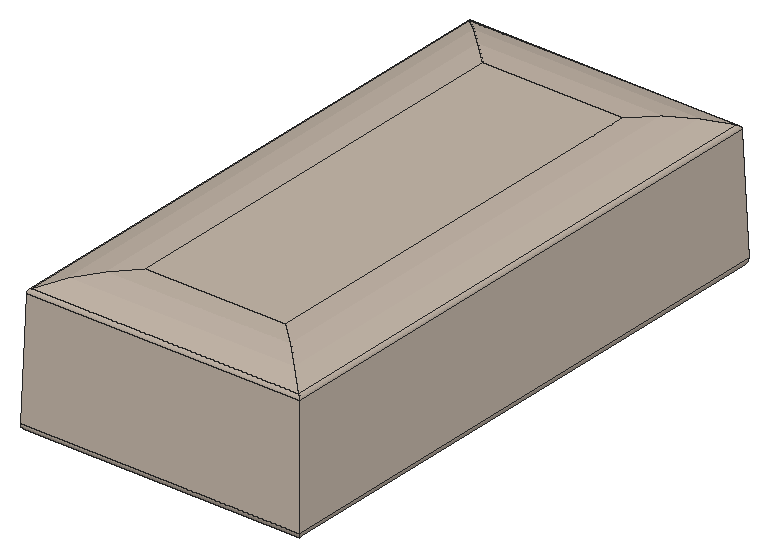
Revit family "FU_Modular_Sandler_Escala_ESC0237TA", category Furniture, Revit 2020
Family settings
  OmniClass Number = 23.40.20.00
  OmniClass Title = General Furniture and Specialties
  Work Plane-Based = No
  Always vertical = Yes
  Cut with Voids When Loaded = No
  Shared = No
  Room Calculation Point = No
Parameters (values of type "Escalas 0237TA")
  Width = 400 mm  # constant formula
  Upholstery [instance] = Fabric - Gravity - Wheat CPC21
  URL = "https://www.sandlerseating.com/product/esc0237ta/"
  Seat Height = 420 mm  # constant formula
  Seat Elevation = 220 mm  # constant formula
  Model = "Escalas 0237TA"
  Manufacturer = "Sandler"
  Description = "Upholstered 40cm left seat.\r\n\r\n20cm x 40 cm x 80cm (measurement without base)"
  Depth = 800 mm  # constant formula
  Default Elevation = 0 mm
Reference planes
  plane 1 "Center (Front/Back)": y = 0
  plane 2: z = 0
  plane 3 "Center (Left/Right)": x = 0
  plane 4 "Right": x = -200
  plane 5 "Left": x = 200
  plane 6 "Front": y = -400
  plane 7 "Back": y = 400
  plane 8 "Elevation": z = 220
  plane 9 "Seat height": z = 420
  plane 10: x = -180
  plane 11: x = 180
  plane 12: y = -380
  plane 13: y = 380
  plane 14: z = 380
Forms (mm)
  Extrusion 1, solid, material "Fabric - Gravity - Wheat CPC21" <- "Upholstery"
    sketch origin (0, 0, 0) x (1, 0, 0) y (0, 0, 1)
      loop
        line (-180, 380) -> (-180, 220) -> (180, 220) -> (180, 380) -> (-180, 380)
    from -380 to 380
  Sweep 2, solid, material "Fabric - Gravity - Wheat CPC21" <- "Upholstery"
    path in 3D
      loop
        line (-180, 380, 380) -> (180, 380, 380) -> (180, -380, 380) -> (-180, -380, 380) -> (-180, 380, 380)
    profile origin (-180, 0, 380) x (-1, 0, 0) y (0, 0, 1)
      loop
        line (-80, 0) -> (-0.012, 0) -> (-0.012, -160) -> (9.996, -160)
        arc (9.996, -160) -> (17.061, -157.077) -> (19.996, -150.017) r 10
        arc (19.996, -150.017) -> (18.876, -67.074) -> (15.228, 15.797) r 2720.729
        arc (15.228, 15.797) -> (13.957, 19.538) -> (10.951, 22.104) r 7.452
        arc (10.951, 22.104) -> (-33.427, 36.627) -> (-80, 40) r 191.86
        line (-80, 40) -> (-80, 0)
  Extrusion 3, solid, material "Fabric - Gravity - Wheat CPC21" <- "Upholstery"
    sketch origin (0, 0, 0) x (1, 0, 0) y (0, 0, 1)
      loop
        line (-100, 380) -> (100, 380) -> (100, 420) -> (-100, 420) -> (-100, 380)
    from -300 to 300
  Extrusion 4, void
    sketch origin (-3.778, 9.906, 0) x (0, 1, 0) y (0, 0, 1)
      loop
        line (-370, 220) -> (370, 220) -> (370, 261) -> (-370, 261) -> (-370, 220)
    from -370 to 183.778
Cuts and joins
  Extrusion 4 cuts Extrusion 1
  Extrusion 4 cuts Sweep 2
  Extrusion 4 cuts Extrusion 3
  joined: Extrusion 1, Sweep 2, Extrusion 3
Lines and regions (mm)
  sketch lines
    curve 1: line (-180, -380, 380) -> (-180, 380, 380)
    curve 2: line (180, -380, 380) -> (-180, -380, 380)
    curve 3: line (180, -380, 380) -> (180, 380, 380)
    curve 4: line (-180, 380, 380) -> (180, 380, 380)
Dimensions and locks
  equal spacing: plane 4 "Right", plane 3 "Center (Left/Right)", plane 5 "Left"
  "Width": plane 4 "Right" to plane 5 "Left"
  equal spacing: plane 7 "Back", plane 1 "Center (Front/Back)", plane 6 "Front"
  "Depth": plane 7 "Back" to plane 6 "Front"
  "Seat Height": plane 9 "Seat height" to level
  "Seat Elevation": plane 8 "Elevation" to level
  locked: plane 12 to plane 6 "Front" at 20
  locked: plane 4 "Right" to plane 10 at 20
  locked: plane 11 to plane 5 "Left" at 20
  locked: plane 7 "Back" to plane 13 at 20
  aligned and locked: level to plane 2
  aligned and locked: plane 13 to Extrusion 1
  aligned and locked: Extrusion 1 to plane 10
  aligned and locked: Extrusion 1 to plane 12
  aligned and locked: Extrusion 1 to plane 11
  aligned and locked: plane 14 to Extrusion 1
  aligned and locked: plane 9 "Seat height" to Extrusion 3
Automatic sketch dimensions
  Extrusion 1 sketch curve to plane 8 "Elevation" = 0 mm
  Extrusion 1 sketch curve to plane 10 = 0 mm
  plane 11 to Extrusion 1 sketch curve = 0 mm
  Extrusion 1 sketch curve to plane 9 "Seat height" = 40 mm
  Extrusion 3 sketch curve to plane 14 = 0 mm
  Extrusion 3 sketch curve to plane 9 "Seat height" = 0 mm
  plane 10 to Extrusion 3 sketch curve = 80 mm
  plane 11 to Extrusion 3 sketch curve = 80 mm
  Sweep 2 sketch curve to profile plane = 0 mm
  Sweep 2 sketch curve to profile plane = 145.274 mm
  profile plane to Sweep 2 sketch curve = 2700.729 mm
  profile plane to Sweep 2 sketch curve = 80 mm
  profile plane to Sweep 2 sketch curve = 70.469 mm
  profile plane to Sweep 2 sketch curve = 0.012 mm
  Sweep 2 sketch curve to profile plane = 7.789 mm
  Sweep 2 sketch curve to profile plane = 9.996 mm
  Sweep 2 sketch curve to profile plane = 150 mm
  Sweep 2 sketch curve to Sweep 2 sketch curve = 1.623 mm
  Sweep 2 sketch curve to Sweep 2 sketch curve = 10 mm
  profile plane to Sweep 2 sketch curve = 15.356 mm
  profile plane to Sweep 2 sketch curve = 40 mm
  Sweep 2 sketch curve to Sweep 2 sketch curve = 0 mm  (x2)
  Extrusion 4 sketch curve to plane 8 "Elevation" = 0 mm
  plane 12 to Extrusion 4 sketch curve = 19.906 mm
  Extrusion 4 sketch curve to plane 13 = 0.094 mm
  plane 8 "Elevation" to Extrusion 4 sketch curve = 41 mm
